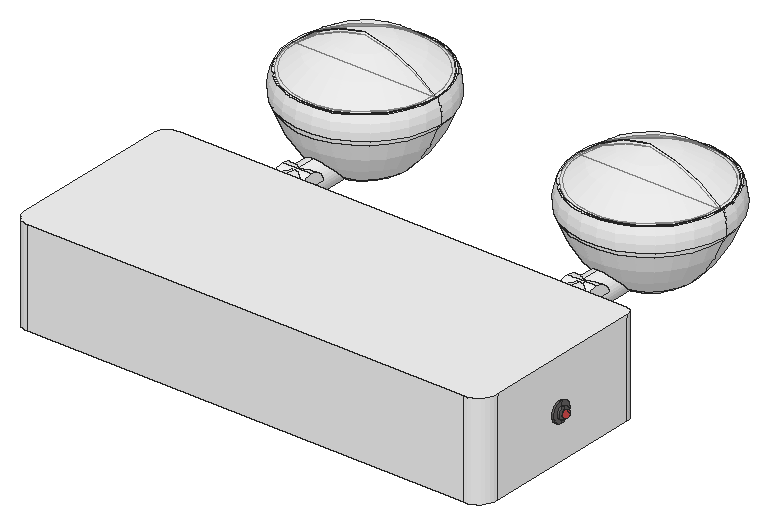
Revit family "CCU2", category Lighting Fixtures, host Face, Revit 2014
Parameters (values of type "CCU2")
  Wattage Comments = "10W"
  Warranty = "5 year full unit warranty"
  URL = "https://www.hubbell.com/dual-lite/en"
  Type Comments = "Light Fixture"  # constant formula
  Steel = Paint - Hubbell - Textured Camera Black
  Single = yes
  Product Page URL = "https://www.hubbell.com/hubbelllightingci/en/Products/Lighting-Controls/Emergency-Exit-Lighting/Emergency-Lighting-Units/CCU2/p/2055712"
  Product Doucumentation Link = "https://hubbellcdn.com/specsheet/603930_dl_ccu2_spec.pdf"
  Model = "CCU2"
  Manufacturer = "Dual-Lite Lighting A unit of Hubbell Lighting"  # constant formula
  Length = 12.38"
  Lamp = "LED"
  LED = Paint - Hubbell -Red
  Depth = 2.50"
  Certification = "City of Chicago\r\nNFPA 101 (Life Safety Code)\r\nCertified to UL924 Damp Location Standards\r\nNEC\r\nOSHA"
  Glass = Glass - Hubbell - White
  Features = "Knockouts for wall mounting\r\nKnockouts for top and side mounting lamp heads\r\nAC-on and test switch"  # constant formula
  Description = "Chicago LED specific to City of Chicago code requirements."
  Default Elevation = 48.00"
  Copyrights = "© Hubbell Lighting, Inc"
  Contact Us = "https://www.hubbell.com/compassproducts/en/contactUs"
  Body = Paint - Hubbell - Matte White
  Apparent Load = 10 VA
Reference planes (in)
  plane 1 "Center (Front/Back)": y = 0
  plane 2: z = 0
  plane 3 "Center (Left/Right)": x = 0
  plane 4: x = -6.19
  plane 5: x = 6.19
  plane 6: y = 1.25
  plane 7: y = -1.25
  plane 8: z = 5
  plane 9: z = 11.375
Forms (in)
  Revolve 1, solid, material "Paint - Hubbell - Textured Camera Black" <- "Steel"
    sketch origin (0, 0, -1.75) x (1, 0, 0) y (0, 0, 1)
      loop
        line (6.33063, 2.97827) -> (6.33063, 3.13553) -> (6.26587, 3.13553) -> (6.26587, 3.23857) -> (6.18955, 3.23857) -> (6.18955, 2.97827) -> (6.33063, 2.97827)
      axis (6.18955, 2.97827) -> (6.33063, 2.97827)
    angle from 0 to 360
  Revolve 2, solid, material "Paint - Hubbell -Red" <- "LED"
    sketch origin (0, 0, -1.75) x (1, 0, 0) y (0, 0, 1)
      loop
        line (6.33063, 2.97827) -> (6.47248, 2.97827)
        arc (6.47248, 2.97827) -> (6.43887, 3.04204) -> (6.37146, 3.06757) r 0.1018
        line (6.37146, 3.06757) -> (6.33063, 3.06757) -> (6.33063, 2.97827)
      axis (6.33063, 2.97827) -> (6.47248, 2.97827)
    angle from 0 to 360
  Extrusion 3, solid, material "Paint - Hubbell - Matte White" <- "Body"
    sketch origin (0, -2.5, 1.25) x (1, 0, 0) y (0, 1, 0)
      loop
        line (-5.77497, 0) -> (5.69, 0)
        arc (5.69, 0) -> (6.04355, 0.14645) -> (6.19, 0.5) r 0.5
        line (6.19, 0.5) -> (6.19, 4.75)
        arc (6.19, 4.75) -> (6.11678, 4.92678) -> (5.94, 5) r 0.25
        line (5.94, 5) -> (-5.78556, 5)
        arc (-5.78556, 5) -> (-6.07154, 4.88154) -> (-6.19, 4.59556) r 0.40444
        line (-6.19, 4.59556) -> (-6.19, 0.41503)
        arc (-6.19, 0.41503) -> (-6.06844, 0.12156) -> (-5.77497, 0) r 0.41503
    from -1.25 to 1.25
Dimensions and locks (in)
  plane 8 to level = 5.00"
  "Depth": plane 6 to plane 7
  plane 7 to plane 6 = 2.50"
  plane 8 to host face = 5.00"
  plane 9 to host face = 11.375"
  "Length": plane 5 to plane 4
  equal spacing: plane 5, plane 3 "Center (Left/Right)", plane 4
  equal spacing: plane 6, plane 1 "Center (Front/Back)", plane 7
  aligned and locked: plane 2 to host face
  aligned and locked: level to host face
Automatic sketch dimensions
  host sketch curve to host sketch curve = 96.00"  (x2)
  Revolve 1 sketch curve to plane 5 = 0.00045"
  Revolve 1 sketch curve to Revolve 1 sketch curve = 0.07632"
  Revolve 1 sketch curve to Revolve 1 sketch curve = 0.06475"
  Revolve 1 sketch curve to Revolve 1 sketch curve = 0.10304"
  Revolve 1 sketch curve to plane 5 = 0.58924"
  Revolve 1 sketch curve to Revolve 1 sketch curve = 1.77014"
  Revolve 1 sketch curve to Revolve 1 sketch curve = 0.00"
  Revolve 1 sketch curve to plane 8 = 3.77173"
  Revolve 1 sketch curve to Revolve 1 sketch curve = 0.15726"
  plane 5 to Revolve 2 sketch curve = 0.14062"
  Revolve 2 sketch curve to Revolve 2 sketch curve = 0.04083"
  Revolve 2 sketch curve to plane 8 = 3.78423"
  Revolve 2 sketch curve to Revolve 2 sketch curve = 0.0125"
  Revolve 2 sketch curve to Revolve 2 sketch curve = 0.08929"
  Revolve 2 sketch curve to Revolve 2 sketch curve = 0.00"  (x2)
  Revolve 2 sketch curve to Revolve 2 sketch curve = 0.73371"
  Extrusion 3 sketch curve to plane 4 = 0.00"
  Extrusion 3 sketch curve to plane 5 = 0.00"
  plane 4 to Extrusion 3 sketch curve = 0.40444"
  plane 4 to Extrusion 3 sketch curve = 0.41503"
  Extrusion 3 sketch curve to plane 5 = 0.50"
  Extrusion 3 sketch curve to Extrusion 3 sketch curve = 0.25"
  plane 7 to Extrusion 3 sketch curve = 1.25"
  Extrusion 3 sketch curve to plane 6 = 0.84556"
Nested families (in)
  nested 1: "Single" at (-3.70604, 2.5, 1.38262) x (1, 0, 0) z (0, 1, 0), type "Single"
  nested 2: "Single" at (3.79396, 2.5, 1.38262) x (1, 0, 0) z (0, 1, 0), type "Single"
Connectors (in)
  electrical at (0.00868, 0.03257, 0)
    settings: on Extrusion 3, index 1, voltage 120 V, apparent load 10 VA, apparent load phase1 0 VA, apparent load phase2 0 VA, apparent load phase3 0 VA, power factor 1, load classification "Other", number of poles 1, system type 30, power factor state 1, is connector primary yes, connector utility no, sub classification motor no, connector description "Lighting Connector"
Definition of nested family "Single"
  Parameters (values of type "Single")
    Wattage = 9.2903 W
    built-in parameter 1150110 = 1 (stored number, unit not read)
    built-in parameter 1114217 = 1 (stored number, unit not read)
    Tilt Angle = 0.00°
    built-in parameter 1150109 = 1 (stored number, unit not read)
    built-in parameter 1150134 = 3
    built-in parameter 1150113 = 1 (stored number, unit not read)
    Steel = Metal-Hubbell-Galvanized_Steel
    Photometric Web File = "CCU2.ies"
    built-in parameter 1150105 = 28396.2 (stored number, unit not read)
    Lumens = 1380 lm
    built-in parameter 1150115 = 1 (stored number, unit not read)
    built-in parameter 1150137 = (empty or 0)
    built-in parameter 1150139 = (empty or 0)
    built-in parameter 1150112 = 1 (stored number, unit not read)
    built-in parameter 1150114 = 1 (stored number, unit not read)
    built-in parameter 1150132 = (empty or 0)
    built-in parameter 1150102 = (empty or 0)
    built-in parameter 1150107 = 3200 (stored number, unit not read)
    built-in parameter 1150138 = (empty or 0)
    built-in parameter 1150106 = 283.96 (stored number, unit not read)
    Glass = Glass - Hubbell - White
    built-in parameter 1150104 = 13.8 (stored number, unit not read)
    Dimming Lamp Color Temperature Shift = (empty or 0)
    Default Elevation = 48.00"
    Color Filter = 16777215
    Body = Paint - Hubbell - Matte White
    built-in parameter 1114218 = 1 (stored number, unit not read)
    built-in parameter 1150133 = 10 (stored number, unit not read)
  Reference planes (in)
    plane 1 "Center (Front/Back)": y = 0
    plane 2: z = 0
    plane 3 "Center (Left/Right)": x = 0
    plane 4: z = 6
    plane 5: x = -2.125
    plane 6: x = 2.125
  Forms (in)
    Extrusion 1, solid
      sketch origin (0, 0, 0) x (1, 0, 0) y (0, 1, 0)
        loop
          line (-48, 48) -> (-48, -48) -> (48, -48) -> (48, 48) -> (-48, 48)
      from 0 to -12
    Revolve 2, solid, material "Paint - Hubbell - Matte White" <- "Body"
      sketch origin (-0.07285, 0.03595, -1.43125) x (0, 1, 0) y (-0.000042, 0, 1)
        loop
          line (-0.57562, 1.43597) -> (0, 1.43597) -> (0, 2.39836)
          arc (0, 2.39836) -> (-0.25967, 2.48596) -> (-0.39452, 2.72453) r 0.38342
          line (-0.39452, 2.72453) -> (-0.57562, 1.43597)
        axis (0, 2.72453) -> (0, 1.43597)
      angle from 0 to 360
    Extrusion 3, solid, material "Paint - Hubbell - Matte White" <- "Body"
      sketch origin (-0.07285, 0.03595, -1.43125) x (0, 1, 0) y (-0.000042, 0, 1)
        loop
          circle (0, 2.79049) r 0.4
        loop
          circle (0, 2.79049) r 0.04727
      from -0.37955 to 0.38293
    Revolve 4, solid, material "Paint - Hubbell - Matte White" <- "Body"
      sketch origin (-0.07293, 0.03595, 0.38408) x (0, 1, 0) y (-0.000042, 0, 1)
        loop
          arc (-0.39452, 1.04113) -> (-0.25847, 1.28044) -> (0, 1.37516) r 0.4
          line (0, 1.37516) -> (0, 3.4479) -> (-0.39452, 3.4479) -> (-0.39452, 1.04113)
        axis (0, 3.4479) -> (0, 1.04113)
      angle from 0 to 360
    Revolve 5, solid, material "Paint - Hubbell - Matte White" <- "Body"
      sketch origin (0, 0.45313, 3.48437) x (1, 0, 0) y (0, 1, 0)
        loop
          line (0, -0.00088) -> (0, -2.22506) -> (1.87977, -2.22506)
          arc (1.87977, -2.22506) -> (1.97546, -1.88519) -> (1.93782, -1.53412) r 0.93166
          arc (1.93782, -1.53412) -> (1.62451, -0.85374) -> (1.14217, -0.28067) r 2.80213
          arc (1.14217, -0.28067) -> (0.98659, -0.16708) -> (0.81054, -0.08889) r 0.90704
          arc (0.81054, -0.08889) -> (0.41019, 0.00038) -> (0, -0.00088) r 1.84753
        axis (0, -0.00088) -> (0, -2.22506)
      angle from 0 to 360
    Revolve 6, solid, material "Paint - Hubbell - Matte White" <- "Body"
      sketch origin (0, 0, 3.5) x (1, 0, 0) y (0, 1, 0)
        loop
          arc (1.96288, -1.20613) -> (1.96495, -1.50036) -> (1.88186, -1.78263) r 1.00684
          line (1.88186, -1.78263) -> (1.92538, -1.78263)
          arc (1.92538, -1.78263) -> (2.00847, -1.50036) -> (2.0064, -1.20613) r 1.00684
          line (2.0064, -1.20613) -> (1.96288, -1.20613)
        axis (0, -1.20613) -> (0, -1.78263)
      angle from 0 to 360
    Revolve 7, solid, material "Glass - Hubbell - White" <- "Glass"
      sketch origin (0, 0, 3.5) x (1, 0, 0) y (0, 1, 0)
        loop
          arc (0, -2.66864) -> (1.01043, -2.37326) -> (1.88186, -1.78263) r 3.39592
          line (1.88186, -1.78263) -> (1.80164, -1.78263)
          arc (1.80164, -1.78263) -> (0.95926, -2.31547) -> (0, -2.58631) r 3.46318
          line (0, -2.58631) -> (0, -2.66864)
        axis (0, -1.78263) -> (0, -2.66864)
      angle from 0 to 360
  Dimensions and locks (in)
    aligned and locked: plane 2 to Extrusion 1
    aligned and locked: level to Extrusion 1
